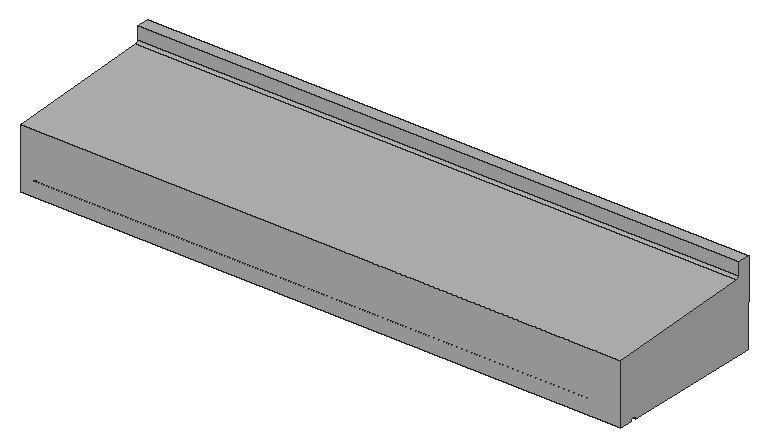
Revit family "N-Sill -S531", category Generic Models, Revit 2020
Family settings
  Can host rebar = No
  Round Connector Dimension = Use Diameter
  Part Type = Normal
  Work Plane-Based = No
  Always vertical = Yes
  Cut with Voids When Loaded = No
  Shared = No
  Room Calculation Point = No
Parameters
  Width of Seating = 20 mm
  Weight = "70Kg/m"
  Warranty Guarantor Parts = "n/a"
  Warranty Guarantor Labour = "n/a"
  Warranty Duration Unit = "n/a"
  Warranty Duration Parts = "n/a"
  Warranty Duration Labour = "n/a"
  Warranty Description = "n/a"
  URL = "www.killeshal.com"
  Types = "Single"
  Type Comments = "Visit our website for a full list of available products."
  Sustainability Performance = "n/a"
  Structural Class = "n/a"
  Span = "Ope Size + 205mm overhang."
  Slope = "0.00°"
  Size = "265mm x 140 to 100mm"
  Sill Width [instance] = 265 mm
  Sill Length [instance] = 1002 mm
  Sill Height [instance] = 140 mm
  Shape = "As per drawing"
  Service Life = "0.000000"
  Serial Number = "n/a"
  Resistance to Fire = "n/a"
  Replacement Cost = "n/a"
  Reference = "n/a"
  Notified Body = "n/a"
  Nominal Cover to Main Bar = "n/a"
  Model = "S/531 Sill"
  Mechanical Resistance = "n/a"
  Manufacturer = "Killeshal Precast Concrete Ltd."
  Load Bearing = no
  Life Cycle Environmental Load = "n/a"
  Length Options = "All sizes made to order."
  Keynote = "The information contained is the sole property of KPC Ltd., any reproduction in part or whole without permission of KPC Ltd. is prohibited."
  Front Face Dimension = 100 mm
  Environmental Product Declaration = "n/a"
  Environmental Class = "n/a"
  Durability against Corrosion = "n/a"
  Distance from Face to Seating = 245 mm
  Dimension Accuracy Class = "n/a"
  Detailing = "As per design specification and product drawings."
  Description = "Type N-Sill"
  Default Elevation = 0 mm
  Dangerous Substances = "n/a"
  Contact Tel = "0035357 9353018"
  Contact Email = "sales@killeshal.com"
  Construction Type = "Precast"
  Construction Tolerance Class = "n/a"
  Compressive Strength of Concrete = "n/a"
  Characteristics of Reinforcing Steel = "n/a"
  Characteristics Deflection Under Load = "n/a"
Reference planes
  plane 1 "Center (Front/Back)": y = 0
  plane 2: z = 0
  plane 3 "Center (Left/Right)": x = 0
  plane 4 "Rear": y = 132.5
  plane 5 "Front": y = -132.5
  plane 6 "Top": z = 140
  plane 7 "Center L/T": z = 100
  plane 8 "Center L/U": y = 112.5
  plane 9 "Center L/V": z = 115
Forms (mm)
  Extrusion 1, solid, material "Precast Concrete (KPC)"
    sketch origin (0, 0, 0) x (0, 1, 0) y (0, 0, 1)
      loop
        line (132.5, 0) -> (132.5, 140) -> (112.5, 140) -> (112.5, 119)
        arc (112.5, 119) -> (111.503, 116.105) -> (108.752, 114.763) r 4
        line (108.752, 114.763) -> (-132.5, 100) -> (-132.5, 0) -> (-112.5, 0)
        arc (-112.5, 0) -> (-107.5, 5) -> (-102.5, 0) r 5
        line (-102.5, 0) -> (132.5, 0)
    from 0 to 1002
Dimensions and locks
  "Sill Length": Extrusion 1 to Extrusion 1
  "Sill Width": Extrusion 1 to Extrusion 1
  plane 7 "Center L/T" to Extrusion 1 = 100 mm
  "Sill Height": plane 6 "Top" to Extrusion 1
  plane 6 "Top" to plane 9 "Center L/V" = 25 mm
  plane 4 "Rear" to plane 8 "Center L/U" = 20 mm
  aligned and locked: level to plane 2
Automatic sketch dimensions
  Extrusion 1 sketch curve to plane 5 "Front" = 0 mm
  Extrusion 1 sketch curve to level = 0 mm
  Extrusion 1 sketch curve to plane 6 "Top" = 0 mm
  Extrusion 1 sketch curve to plane 8 "Center L/U" = 0 mm
  Extrusion 1 sketch curve to plane 4 "Rear" = 0 mm
  Extrusion 1 sketch curve to plane 7 "Center L/T" = 0 mm
  plane 5 "Front" to Extrusion 1 sketch curve = 20 mm
  Extrusion 1 sketch curve to Extrusion 1 sketch curve = 5 mm
  Extrusion 1 sketch curve to plane 8 "Center L/U" = 3.993 mm
  Extrusion 1 sketch curve to plane 9 "Center L/V" = 0.237 mm
  Extrusion 1 sketch curve to plane 8 "Center L/U" = 3.748 mm
  Extrusion 1 sketch curve to Extrusion 1 sketch curve = 3.993 mm
